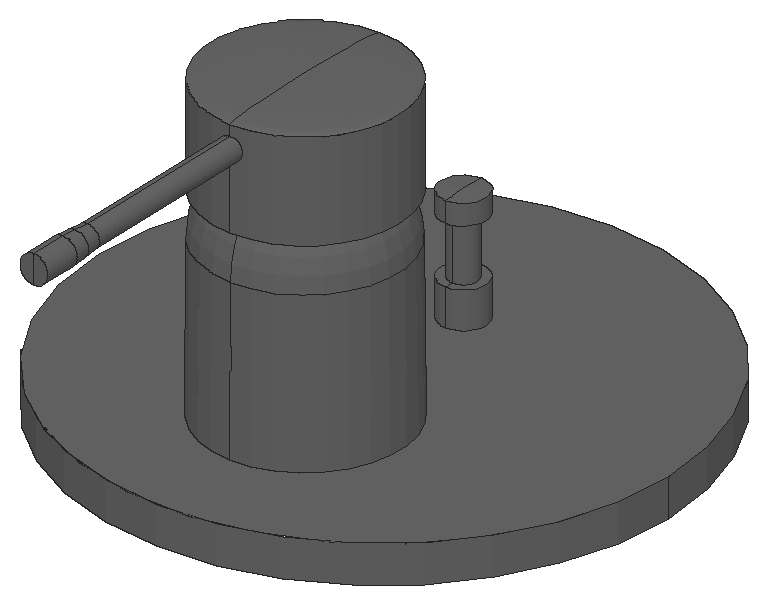
Revit family "Grohe_SingleLeverMixer_Essence_24167KF1", category Plumbing Fixtures, host Face, Revit 2020
Family settings
  Host = Face
  Round Connector Dimension = Use Diameter
  Part Type = Normal
  OmniClass Number = 23.45.05.00
  OmniClass Title = Sanitary Equipment
  Cut with Voids When Loaded = No
  Shared = No
  Room Calculation Point = No
Parameters (values of type "ESSENCE Single Lever Mixer (24167KF1)")
  _ObjectUserGuide = "https://www.bimstore.co/products/grohe-24167KF1/document/object-user-guide"
  _DistributedBy = "https://www.bimstore.co/"
  _CurrentRevision = 1
  _CreatedBy = "https://www.bimstore.co/"
  _BimSpecGuid = 0
  _BSBibleVersion = 17
  _AuthorizedBy = "bimstore"
  _Author = "AM 147"
  Waste Connection = no
  WarrantyStartDate [instance] = "Please Record On Commissioning."
  WarrantyGuarantorParts = "info-uk@grohe.com"
  WarrantyGuarantorLabor = "info-uk@grohe.com"
  WarrantyDurationUnit = "Years"
  WarrantyDurationParts = "0"
  WarrantyDurationLabor = "0"
  WarrantyDescription = "n/a"
  Vent Connection = no
  URL = "https://www.grohe.co.uk/"
  TypeName = "ESSENCE Single Lever Mixer"
  Type Comments = "ESSENCE Single Lever Mixer"
  TPIDocumentLink = "https://cdn.cloud.grohe.com/tpi/2000/2100/2180/2189/2189583/original/2189583.pdf"
  SustainabilityReport = "green.grohe.com/reporting"
  SustainabilityAward = "green.grohe.com/awards"
  SpareParts = "info-uk@grohe.com"
  Size = "n/a"
  Shape = "n/a"
  SerialNumber [instance] = "Please Record On Commissioning."
  ReplacementCost = "n/a"
  ReferencedStandard = "n/a"
  ProductionYear = "2023"
  ProductType = "Single Lever Mixer"
  ProductShortText = "Essence Single-lever mixer with 2-way diverter"
  ProductPageURL = "https://www.grohe.co.uk/en_gb/-24167KF1.html"
  ProductNumber = "24167KF1"
  ProductDescription = "set for final installation for\r\n\r\nGROHE Rapido SmartBox (35 604)\r\n\r\nGROHE SilkMove 46 mm ceramic cartridge\r\n\r\nGROHE Long-Life Shine finish\r\n\r\nGROHE FastFixation escutcheon with covered shaft sealing and covered fixing\r\n\r\nmetal escutcheon, retroactively 6° adjustable\r\n\r\nmetal lever\r\n\r\nautomatic 2-way diverter\r\n\r\nflow performance: \r\n\r\noutlet B = 27 l/min, outlet C = 27 l/min\r\n\r\nwithout roughing-in set"
  PrimaryMaterial = Grohe_MattBlack
  PQDiagramLink = "https://cdn.cloud.grohe.com/PQCharts/lores/2/241/original/24167KF1-pqchart-en_GB.svg"
  NominalLength = 0.0 mm
  NominalHeight = 0.0 mm
  NominalDepth = 0.0 mm
  NBSReference = "90-70-10/355"
  NBSOfficeMasterTag = "n/a"
  NBSObjectName = "Grohe - Mixers"
  NBSNote = "n/a"
  NBSDescription = "Mixers"
  ModelReference = "ESSENCE Single Lever Mixer"
  ModelNumber = "24167KF1"
  Model = "ESSENCE Single Lever Mixer"
  Material = "n/a"
  ManufacturerName = "Grohe"
  Manufacturer = "Grohe"
  Keynote = "N13"
  InstallationDate [instance] = "Please Record On Commissioning."
  IfcExportType = "IfcPipeFittingType"
  IfcExportAs = "IfcPipeFitting"
  HW Connection = no
  Grade = "n/a"
  GROHESustainability = "green.grohe.com"
  GROHESocialCommittment = "green.grohe.com/social_engagement"
  FullRecyclabilityOfPlastic = "All plastic components are fully recyclable"
  Finish = "n/a"
  Features = "n/a"
  ExpectedLife = 0
  Ecojoy = no
  EFSE0002 = "TRUE"
  EFDE0022 = "Group I, <=20 dB(A)"
  EF023957 = "TRUE"
  EF023687 = "FALSE"
  EF023686 = "Other"
  EF022042 = "C"
  EF021855 = "FALSE"
  EF020963 = "TRUE"
  EF020790 = "TRUE"
  EF020789 = 0.0 mm
  EF020788 = "FALSE"
  EF020787 = "Group II, <=30 dB(A)"
  EF020786 = "2"
  EF020785 = "not applicable"
  EF020784 = "Other"
  EF020783 = "Other"
  EF020782 = "Brass"
  EF020781 = "Cartouche, ceramic"
  EF020780 = "Single-grip"
  EF020779 = "FALSE"
  EF020778 = "FALSE"
  EF020777 = "FALSE"
  EF020776 = "TRUE"
  EF020775 = "FALSE"
  EF020774 = "TRUE"
  EF020105 = no
  EF016731 = "Group I,<= 20 dB(A)"
  EF014591 = "FALSE"
  EF014578 = "TRUE"
  EF012753 = "27.0"
  EF011779 = "FALSE"
  EF011775 = "not applicable"
  EF005464 = "0"
  EF002671 = "Black"
  EF002286 = "not applicable"
  EF002149 = "FALSE"
  EF001707 = "70 °C"
  EF000010 = "Finishing section"
  DurationUnit = "Years"
  DocumentationTechnical = "https://www.bimstore.co/products/grohe-24167KF1/document/technical-data-sheet"
  DocumentationMaintenance = "https://www.bimstore.co/products/grohe-24167KF1/document/maintenance-information"
  DocumentationLiterature = "https://www.bimstore.co/products/grohe-24167KF1/document/product-literature"
  DocumentationInstallationGuide = "https://www.bimstore.co/products/grohe-24167KF1/document/installation-guide"
  DocumentationCertificates = "https://www.bimstore.co/products/grohe-24167KF1/document/product-certificates"
  DimensionsDocumentLink = "https://cdn.cloud.grohe.com/dimdraw/100000/100000/100000/100000/100080/100085/100085223/1280/100085223.jpg"
  Description = "ESSENCE Single Lever Mixer"
  Default Elevation = 0.0 mm
  CreatedOn = "2023-03-01T09:00:00"
  CreatedBy = "info-uk@grohe.com"
  CradleToCradleCertification = "n/a"
  Cost = 0
  Constituents = "n/a"
  Color = "Matt Black"
  CodePerformance = "n/a"
  ClassificationValue = "Pr_60_75_08_54"
  ClassificationName = "Uniclass2015"
  CW Connection = no
  CO2NeutralProduction = "GROHE is one of the first leading manufacturer within the sanitary industry having a CO2-neutral production."
  BarCode [instance] = "Please Record On Commissioning."
  BIMObjectName = "Grohe_SingleLeverMixer_Essence_24167KF1"
  AssetType = "Fixed"
  AssetIdentifier [instance] = "n/a"
  Assembly Code = "D2010"
  AccessibilityPerformance = "n/a"
Reference planes
  plane 1 "Center (Front/Back)": y = 0
  plane 2: z = 0
  plane 3 "Center (Left/Right)": x = 0
Forms (mm)
  Extrusion 1, solid, material "Grohe_MattBlack" <- "PrimaryMaterial"
    sketch origin (0, 0, 0) x (1, 0, 0) y (0, 1, 0)
      loop
        circle (0, 0) r 78.996
    from 0 to 10.393
  Revolve 2, solid, material "Grohe_MattBlack" <- "PrimaryMaterial", detail levels medium+fine
    sketch origin (0, 0, 0) x (0, 1, 0) y (0, 0, 1)
      loop
        line (-27.484, 10.393) -> (-1.258, 10.393) -> (-1.665, 54.326)
        arc (-1.665, 54.326) -> (-2.527, 60.726) -> (-4.941, 66.715) r 25.977
        line (-4.941, 66.715) -> (-1.484, 66.715) -> (-1.484, 93.715)
        spline (-1.484, 93.715) -> (-1.706, 93.898) -> (-2.37, 94.077) -> (-3.463, 94.251) -> (-4.967, 94.415) -> (-6.856, 94.567) -> (-9.099, 94.705) -> (-11.656, 94.826) -> (-14.484, 94.927) -> (-17.534, 95.008) -> (-20.754, 95.067) -> (-24.09, 95.103) -> (-27.484, 95.115)
        line (-27.484, 95.115) -> (-27.484, 10.393)
      axis (-27.484, 10.393) -> (-27.484, 95.115)
    angle from 0 to 360
  Revolve 3, solid, material "Grohe_MattBlack" <- "PrimaryMaterial", detail levels medium+fine
    sketch origin (0, 0, 0) x (0, 1, 0) y (0, 0, 1)
      loop
        line (27.5, 10.393) -> (33.75, 10.393) -> (33.75, 20.43) -> (31.25, 20.43) -> (31.25, 36.43) -> (33.75, 36.43) -> (33.75, 42.038)
        arc (33.75, 42.038) -> (30.631, 42.332) -> (27.5, 42.43) r 49.996
        line (27.5, 42.43) -> (27.5, 10.393)
      axis (27.5, 10.393) -> (27.5, 42.43)
    angle from 0 to 360
  Revolve 4, solid, material "Grohe_MattBlack" <- "PrimaryMaterial", detail levels medium+fine
    sketch origin (0, 0, 0) x (0, 1, 0) y (0, 0, 1)
      loop
        line (-121.484, 91.441) -> (-121.484, 87.545) -> (-27.484, 87.545) -> (-27.484, 90.718) -> (-103.022, 90.718)
        arc (-103.022, 90.718) -> (-105.148, 90.809) -> (-107.258, 91.079) r 25
        arc (-107.258, 91.079) -> (-109.369, 91.35) -> (-111.495, 91.441) r 25
        line (-111.495, 91.441) -> (-121.484, 91.441)
      axis (-27.484, 87.545) -> (-121.484, 87.545)
    angle from 0 to 360
  Revolve 5, solid, material "Grohe_MattBlack" <- "PrimaryMaterial", detail levels coarse
    sketch origin (0, 0, 0) x (0, 1, 0) y (0, 0, 1)
      loop
        line (-27.484, 10.393) -> (-1.258, 10.393) -> (-1.258, 95.115) -> (-27.484, 95.115) -> (-27.484, 10.393)
      axis (-27.484, 10.393) -> (-27.484, 95.115)
    angle from 0 to 360
  Revolve 6, solid, material "Grohe_MattBlack" <- "PrimaryMaterial", detail levels coarse
    sketch origin (0, 0, 0) x (0, 1, 0) y (0, 0, 1)
      loop
        line (-121.484, 91.441) -> (-121.484, 87.545) -> (-27.484, 87.545) -> (-27.484, 91.441) -> (-121.484, 91.441)
      axis (-121.484, 87.545) -> (-27.484, 87.545)
    angle from 0 to 360
  Revolve 7, solid, material "Grohe_MattBlack" <- "PrimaryMaterial", detail levels coarse
    sketch origin (0, 0, 0) x (0, 1, 0) y (0, 0, 1)
      loop
        line (27.5, 10.393) -> (33.75, 10.393) -> (33.75, 42.43) -> (27.5, 42.43) -> (27.5, 10.393)
      axis (27.5, 10.393) -> (27.5, 42.43)
    angle from 0 to 360
Cuts and joins
  joined: Revolve 2, Revolve 4
  joined: Revolve 5, Revolve 6
Dimensions and locks
  aligned and locked: plane 2 to host face
  aligned and locked: level to host face
